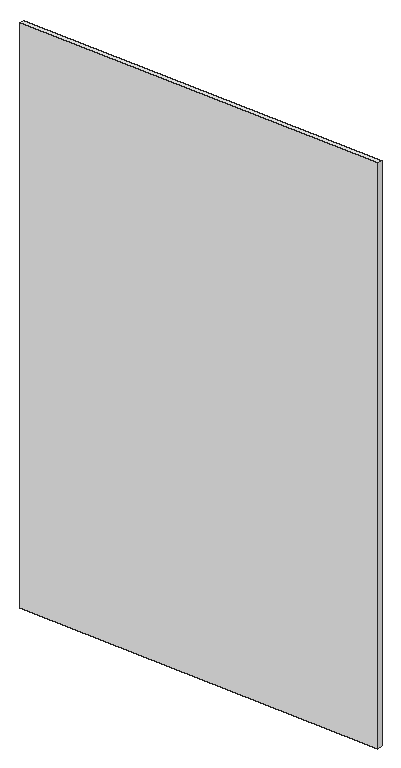
Revit family "Solid Panel", category Curtain Panels, Revit 2015
Parameters (values of type "25mm")
  Visual Light Transmittance = 0
  Solar Heat Gain Coefficient = 0
  Construction Type Id = "MDOOR"
  Material = none
  Offset = 12.50 mm
  Thickness = 25.00 mm
  Heat Transfer Coefficient (U) = 3.7021 W/(m²·K)
  Analytic Construction = "Metal"
Types (4, lengths in mm): name | Offset | Thickness
  (no name) | 12.50 | 25.00
  100mm | 50.00 | 100.00
  50mm | 25.00 | 50.00
  25mm | 12.50 | 25.00
Reference planes
  plane 1: y = 0
  plane 2: z = 0
  plane 3: x = 0
  plane 4: x = -831.877
  plane 5: x = 831.877
  plane 6: z = 2438.4
  plane 7: y = 12.5
  plane 8: y = -12.5
Forms (mm)
  Extrusion 1, solid, material <- "Material"
    sketch origin (0, 0, 0) x (1, 0, 0) y (0, 1, 0)
      loop
        line (-831.877, -12.5) -> (831.877, -12.5) -> (831.877, 12.5) -> (-831.877, 12.5) -> (-831.877, -12.5)
    from 0 to 2438.4
Lines and regions (mm)
  symbolic lines
    curve 1: line (831.877, 12.5, 0) -> (-831.877, 12.5, 0)
    curve 2: line (831.877, -12.5, 0) -> (831.877, 12.5, 0)
    curve 3: line (-831.877, -12.5, 0) -> (831.877, -12.5, 0)
    curve 4: line (-831.877, 12.5, 0) -> (-831.877, -12.5, 0)
Text (mm)
  text "Exterior" at (-1654.078, 797.241, 0), in view "Base Line"
Dimensions and locks
  equal spacing: plane 4, plane 3, plane 5
  "Offset": plane 1 to plane 7
  "Thickness": plane 8 to plane 7
  aligned and locked: plane 5 to Extrusion 1 sketch curve
  aligned and locked: Extrusion 1 sketch curve to plane 5
  aligned and locked: Extrusion 1 to level
  aligned and locked: Extrusion 1 to plane 6
Automatic sketch dimensions
  Extrusion 1 sketch curve to plane 4 = 0.00 mm
  Extrusion 1 sketch curve to plane 8 = 0.00 mm
  Extrusion 1 sketch curve to plane 7 = 0.00 mm
  curve 1 to plane 4 = 0.00 mm
  curve 3 to plane 5 = 0.00 mm
  curve 3 to plane 8 = 0.00 mm
  curve 2 to plane 7 = 0.00 mm
